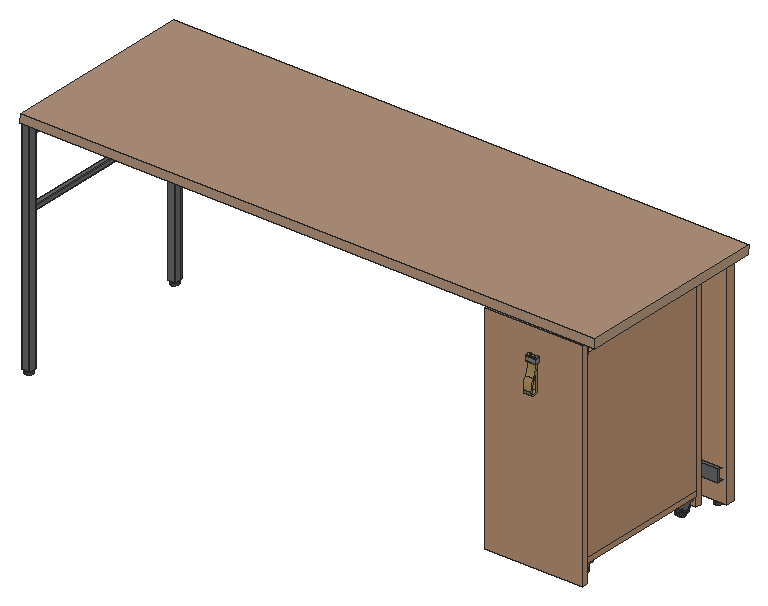
Revit family "Desks-Teknion-LWBDP_Byward_Desk_with_Pedestal-R2019", category Furniture, Revit 2019
Family settings
  OmniClass Number = 23.40.20.00
  OmniClass Title = General Furniture and Specialties
  Work Plane-Based = No
  Always vertical = Yes
  Cut with Voids When Loaded = No
  Shared = Yes
  Room Calculation Point = No
Parameters (values of type "24" Depth")
  Worksurface Finish [instance] = Source Laminate - Teknion - 3M - Provincial Oak (Cross Grain)
  Width [instance] = 72.000"
  Warranty = "http://www.teknion.com/ca/papers/legal-canada"
  Unit Weight URL = "http://www.teknion.com/ca/tools/assets#&asset=bee6a381-b954-425e-8283-5a2de3a804f2,f828d448-4b62-4231-9e5f-9a8991c0ed77"
  URL = "www.teknion.com"
  To render please download texture images found here [instance] = "https://assets.teknion.com/web/5e81352c1dfdb467/revit-material-swatches/"
  Sustainability Data = "https://www.teknion.com/ca/tools/assets#&topic=216f99a5-57a0-44fc-b10a-9dee9b29ae4c&asset=444deb64-fe58-4b68-981e-f75e97781df7,b4ff2d81-9f2e-437d-9659-7cffb09c31cf"
  Storage Back = 2.060"
  Series = "Byward"  # constant formula
  Product Page URL = "https://www.teknion.com/ca/products/product-details?productLineId=87d0476f-8e7a-673b-a6c8-ff05004460c4"
  Product Line = "Byward"  # constant formula
  Product Documentation Link = "https://assets.teknion.com/m/d3f7903c0f9c31f/original/Byward-Reference-Guide.pdf"
  Part Number = "LWBDP"  # constant formula
  Modesty Panel & Pedestal Finish [instance] = Foundation Laminate - Teknion - YA - Anigre
  Model = "LWBDP24___"
  Metal Tab = 6.783"
  Manufacturer Phone = "416-661-3370"  # constant formula
  Manufacturer Fax = "416.661.4586"  # constant formula
  Manufacturer Contact Information = "http://www.teknion.com/ca/contactus"
  Manufacturer Address = "1150 Flint Road, Toronto, ON. M3J 2J5. Canada"  # constant formula
  Manufacturer = "Teknion"  # constant formula
  How To Use Teknion Materials User Guide [instance] = "https://assets.teknion.com/m/205dd0a49fa58060/original/How-to-add-a-Material-Library-and-Texture-Images-to-your-Revit-project.pdf"
  Handle Paint Finish [instance] = Paint - Teknion - Mica - Anthracite
  Handle Leather Finish [instance] = Leather-Teknion-N68-Natural
  Handle Finish Note [instance] = "If Natural Leather is specified for the Handle Leather Finish, choose Anthracite for the Handle Paint Finish. If Black Leather is specified for the Handle Leather Finish, choose Titanium Grey for the Handle Paint Finish."  # constant formula
  Gable Cutout = 3.190"
  For Additional Finishes please visit [instance] = "https://assets.teknion.com/m/44a8009b046e5d47/original/Teknion_Materials_Library.zip"
  Description = "Byward Desk with Pedestal, 24\" Depth"
  Depth = 24.000"
  Available Widths [instance] = "54\", 60\", 66\" and 72\""  # constant formula
  Assembly Code = "E2020200"
Reference planes (in)
  plane 1 "Center Front/Back": y = 0
  plane 2: z = 0
  plane 3 "Center Left/Right": x = 0
  plane 4 "Left": x = -36
  plane 5 "Right": x = 36
  plane 6 "Back": y = 12
  plane 7 "Front": y = -12
  plane 8 "Top": z = 29.0595
  plane 9: y = 9.94
  plane 10: y = -9.63529
  plane 11: y = 6.14424
  plane 12 "Wheel Center": z = 0.7874
Forms (in)
  Sweep 1, solid, material "Source Laminate - Teknion - 3M - Provincial Oak (Cross Grain)" <- "Worksurface Finish"
    path origin (0, 0, 0) x (1, 0, 0) y (0, 0, 1)
      loop
        line (0, 27.9995) -> (0, 29.0595)
    profile origin (0, 0, 28.5295) x (-1, 0, 0) y (0, -1, 0)
      loop
        line (36, 12) -> (-36, 12) -> (-36, -12) -> (36, -12) -> (36, 12)
  Sweep 2, solid, material "Foundation Laminate - Teknion - YA - Anigre" <- "Modesty Panel & Pedestal Finish"
    path origin (0, 0, 0) x (1, 0, 0) y (0, 1, 0)
      loop
        line (0, 7.75) -> (0, 6.69)
    profile origin (0, 7.22, 0) x (1, 0, 0) y (0, 0, 1)
      loop
        line (-34.9, 17.9995) -> (21.9941, 17.9995) -> (21.9941, 27.9995) -> (5, 27.9995)
        arc (5, 27.9995) -> (4.03175, 27.83895) -> (3.16714, 27.3745) r 3
        arc (3.16714, 27.3745) -> (2.30253, 26.91005) -> (1.33428, 26.7495) r 3
        line (1.33428, 26.7495) -> (-1.33428, 26.7495)
        arc (-1.33428, 26.7495) -> (-2.30253, 26.91005) -> (-3.16714, 27.3745) r 3
        arc (-3.16714, 27.3745) -> (-4.03175, 27.83895) -> (-5, 27.9995) r 3
        line (-5, 27.9995) -> (-30.25208, 27.9995)
        arc (-30.25208, 27.9995) -> (-30.86446, 27.93634) -> (-31.45104, 27.7495) r 3
        arc (-31.45104, 27.7495) -> (-32.03763, 27.56266) -> (-32.65, 27.4995) r 3
        line (-32.65, 27.4995) -> (-34.9, 27.4995) -> (-34.9, 17.9995)
  Sweep 3, solid, material "Foundation Laminate - Teknion - YA - Anigre" <- "Modesty Panel & Pedestal Finish"
    path origin (0, 0, 0) x (1, 0, 0) y (0, 1, 0)
      loop
        line (22, 0) -> (23.06, 0)
    profile origin (22.53, 0, 0) x (0, 1, 0) y (0, 0, 1)
      loop
        line (9.94, 27.9995) -> (6.69, 27.9995) -> (6.69, 27.2495)
        arc (6.69, 27.2495) -> (6.54355, 26.89595) -> (6.19, 26.7495) r 0.5
        line (6.19, 26.7495) -> (3.69, 26.7495)
        arc (3.69, 26.7495) -> (3.33645, 26.89595) -> (3.19, 27.2495) r 0.5
        line (3.19, 27.2495) -> (3.19, 27.9995) -> (-11, 27.9995) -> (-11, 0.4995) -> (9.94, 0.4995) -> (9.94, 27.9995)
  Sweep 4, solid, material "Paint-Teknion-23-Z-Foundation-Foundry Onyx"
    path origin (0, 0, 0) x (1, 0, 0) y (0, 0, 1)
      loop
        line (0, 0.4375) -> (0, 27.9995)
    profile origin (0, 0, 14.2185) x (-1, 0, 0) y (0, -1, 0)
      loop
        arc (35.81, 10.9) -> (35.87364, 10.92636) -> (35.9, 10.99) r 0.09
        line (35.9, 10.99) -> (35.9, 11.81)
        arc (35.9, 11.81) -> (35.87364, 11.87364) -> (35.81, 11.9) r 0.09
        line (35.81, 11.9) -> (34.99, 11.9)
        arc (34.99, 11.9) -> (34.92636, 11.87364) -> (34.9, 11.81) r 0.09
        line (34.9, 11.81) -> (34.9, 10.99)
        arc (34.9, 10.99) -> (34.92636, 10.92636) -> (34.99, 10.9) r 0.09
        line (34.99, 10.9) -> (35.81, 10.9)
      loop
        arc (35.81, -11.9) -> (35.87364, -11.87364) -> (35.9, -11.81) r 0.09
        line (35.9, -11.81) -> (35.9, -10.99)
        arc (35.9, -10.99) -> (35.87364, -10.92636) -> (35.81, -10.9) r 0.09
        line (35.81, -10.9) -> (34.99, -10.9)
        arc (34.99, -10.9) -> (34.92636, -10.92636) -> (34.9, -10.99) r 0.09
        line (34.9, -10.99) -> (34.9, -11.81)
        arc (34.9, -11.81) -> (34.92636, -11.87364) -> (34.99, -11.9) r 0.09
        line (34.99, -11.9) -> (35.81, -11.9)
  Sweep 5, solid, material "Paint-Teknion-23-Z-Foundation-Foundry Onyx"
    path origin (0, 0, 0) x (1, 0, 0) y (0, 1, 0)
      loop
        line (0, -10.9) -> (0, 10.9)
    profile origin (0, 0, 0) x (-1, 0, 0) y (0, 0, 1)
      loop
        arc (35.1775, 18.5935) -> (35.11386, 18.56714) -> (35.0875, 18.5035) r 0.09
        line (35.0875, 18.5035) -> (35.0875, 18.0585)
        arc (35.0875, 18.0585) -> (35.11386, 17.99486) -> (35.1775, 17.9685) r 0.09
        line (35.1775, 17.9685) -> (35.6225, 17.9685)
        arc (35.6225, 17.9685) -> (35.68614, 17.99486) -> (35.7125, 18.0585) r 0.09
        line (35.7125, 18.0585) -> (35.7125, 18.5035)
        arc (35.7125, 18.5035) -> (35.68614, 18.56714) -> (35.6225, 18.5935) r 0.09
        line (35.6225, 18.5935) -> (35.1775, 18.5935)
  Sweep 6, solid, material "Paint-Teknion-23-Z-Foundation-Foundry Onyx"
    path origin (0, 0, 0) x (1, 0, 0) y (0, 0, 1)
      loop
        line (0, 17.9085) -> (0, 17.9685)
    profile origin (0, 0, 17.9385) x (-1, 0, 0) y (0, -1, 0)
      loop
        line (33.744, -7.658) -> (35.181, -7.658) -> (35.181, -7.8455)
        arc (35.181, -7.8455) -> (35.21761, -7.93389) -> (35.306, -7.9705) r 0.125
        line (35.306, -7.9705) -> (35.494, -7.9705)
        arc (35.494, -7.9705) -> (35.58239, -7.93389) -> (35.619, -7.8455) r 0.125
        line (35.619, -7.8455) -> (35.619, -6.5955)
        arc (35.619, -6.5955) -> (35.58239, -6.50711) -> (35.494, -6.4705) r 0.125
        line (35.494, -6.4705) -> (35.306, -6.4705)
        arc (35.306, -6.4705) -> (35.21761, -6.50711) -> (35.181, -6.5955) r 0.125
        line (35.181, -6.5955) -> (35.181, -6.783) -> (33.744, -6.783)
        arc (33.744, -6.783) -> (33.65561, -6.81961) -> (33.619, -6.908) r 0.125
        line (33.619, -6.908) -> (33.619, -7.533)
        arc (33.619, -7.533) -> (33.65561, -7.62139) -> (33.744, -7.658) r 0.125
  Sweep 7, solid, material "Paint-Teknion-23-Z-Foundation-Foundry Onyx"
    path origin (0, 0, 0) x (1, 0, 0) y (0, 1, 0)
      loop
        line (0, -10.9) -> (0, 10.9)
    profile origin (0, 0, 0) x (-1, 0, 0) y (0, 0, 1)
      loop
        line (35.7125, 26.2495) -> (35.7125, 27.7315)
        arc (35.7125, 27.7315) -> (35.634, 27.921) -> (35.4445, 27.9995) r 0.268
        line (35.4445, 27.9995) -> (31.4625, 27.9995) -> (31.4625, 27.8655) -> (35.4445, 27.8655)
        arc (35.4445, 27.8655) -> (35.53925, 27.82625) -> (35.5785, 27.7315) r 0.134
        line (35.5785, 27.7315) -> (35.5785, 26.2495) -> (35.7125, 26.2495)
  Sweep 8, void
    path origin (0, 0, 0) x (1, 0, 0) y (0, 0, 1)
      loop
        line (0, 27.9995) -> (0, 26.4995)
    profile origin (0, 0, 27.2495) x (0, -1, 0) y (1, 0, 0)
      loop
        arc (-9.78962, -32.37162) -> (-9.23664, -31.71024) -> (-8.41091, -31.4625) r 1.5
        line (-8.41091, -31.4625) -> (-10.9, -31.4625) -> (-10.9, -34.9625) -> (-9.78962, -32.37162)
      loop
        line (10.9, -34.9625) -> (10.9, -31.4625) -> (8.41091, -31.4625)
        arc (8.41091, -31.4625) -> (9.23664, -31.71024) -> (9.78962, -32.37162) r 1.5
        line (9.78962, -32.37162) -> (10.9, -34.9625)
  Sweep 9, solid, material "Paint-Teknion-23-Z-Foundation-Foundry Onyx"
    path origin (0, 0, 0) x (1, 0, 0) y (0, 1, 0)
      loop
        line (0, 8.365) -> (0, 8.231)
    profile origin (0, 8.298, 0) x (1, 0, 0) y (0, 0, 1)
      loop
        line (-35.3905, 26.3655) -> (-32.5785, 27.6775) -> (-32.5785, 27.8655) -> (-34.0155, 27.8655) -> (-34.0155, 27.9595) -> (-34.3905, 27.9595) -> (-34.3905, 27.8655) -> (-35.3905, 27.8655) -> (-35.5785, 27.6775) -> (-35.5785, 26.3655) -> (-35.3905, 26.3655)
  Sweep 10, solid, material "Paint-Teknion-23-Z-Foundation-Foundry Onyx"
    path origin (0, 0, 0) x (1, 0, 0) y (0, 1, 0)
      loop
        line (0, -8.365) -> (0, -8.231)
    profile origin (0, -8.298, 0) x (-1, 0, 0) y (0, 0, 1)
      loop
        line (35.3905, 26.3655) -> (35.5785, 26.3655) -> (35.5785, 27.6775) -> (35.3905, 27.8655) -> (34.3905, 27.8655) -> (34.3905, 27.9595) -> (34.0155, 27.9595) -> (34.0155, 27.8655) -> (32.5785, 27.8655) -> (32.5785, 27.6775) -> (35.3905, 26.3655)
  Sweep 11, solid, material "Paint-Teknion-23-Z-Foundation-Foundry Onyx"
    path origin (0, 0, 0) x (1, 0, 0) y (0, 0, 1)
      loop
        line (0, 0.4395) -> (0, 0.4995)
    profile origin (0, 0, 0.4695) x (-1, 0, 0) y (0, -1, 0)
      loop
        line (-22.1363, 7.5315) -> (-22.1363, 10.6811) -> (-22.9237, 10.6811) -> (-22.9237, 7.5315) -> (-22.1363, 7.5315)
      loop
        line (-22.1363, -6.4715) -> (-22.9237, -6.4715) -> (-22.9237, -9.6211) -> (-22.1363, -9.6211) -> (-22.1363, -6.4715)
      loop
        line (-31.5315, -10.0763) -> (-34.6811, -10.0763) -> (-34.6811, -10.8637) -> (-31.5315, -10.8637) -> (-31.5315, -10.0763)
  Sweep 12, solid, material "Plastic - Teknion - E - Ebony"
    path origin (0, 0, 0) x (1, 0, 0) y (0, 0, 1)
      loop
        line (0, 0.215) -> (0, 0)
    profile origin (0, 0, 0.1075) x (0, -1, 0) y (1, 0, 0)
      loop
        circle (11.4, -35.4) r 0.5
      loop
        circle (-11.4, -35.4) r 0.5
      loop
        circle (-8.4375, 22.52447) r 0.5
      loop
        circle (9.50314, 22.52447) r 0.5
      loop
        circle (-10.46998, 33.49945) r 0.5
  Sweep 13, solid, material "Plastic - Teknion - E - Ebony"
    path origin (0, 0, 0) x (1, 0, 0) y (0, 0, 1)
      loop
        line (0, 0.215) -> (0, 0.4375)
    profile origin (0, 0, 0.32625) x (-1, 0, 0) y (0, -1, 0)
      loop
        line (35.715, 11.21813) -> (35.715, 11.58187) -> (35.4, 11.76373) -> (35.085, 11.58187) -> (35.085, 11.21813) -> (35.4, 11.03627) -> (35.715, 11.21813)
      loop
        line (35.715, -11.58187) -> (35.715, -11.21813) -> (35.4, -11.03627) -> (35.085, -11.21813) -> (35.085, -11.58187) -> (35.4, -11.76373) -> (35.715, -11.58187)
      loop
        line (-22.21495, -8.62185) -> (-22.21495, -8.25812) -> (-22.52995, -8.07625) -> (-22.84495, -8.25812) -> (-22.84495, -8.62185) -> (-22.52995, -8.80371) -> (-22.21495, -8.62185)
      loop
        line (-22.21495, 9.31757) -> (-22.21495, 9.68131) -> (-22.52995, 9.86317) -> (-22.84495, 9.68131) -> (-22.84495, 9.31757) -> (-22.52995, 9.13571) -> (-22.21495, 9.31757)
      loop
        line (-33.18495, -10.65185) -> (-33.18495, -10.28812) -> (-33.49995, -10.10625) -> (-33.81495, -10.28812) -> (-33.81495, -10.65185) -> (-33.49995, -10.83371) -> (-33.18495, -10.65185)
  Sweep 14, solid, material "Foundation Laminate - Teknion - YA - Anigre" <- "Modesty Panel & Pedestal Finish"
    path origin (0, 0, 0) x (1, 0, 0) y (0, 0, 1)
      loop
        line (0, 0.4995) -> (0, 27.9995)
    profile origin (0, 0, 14.2495) x (-1, 0, 0) y (0, -1, 0)
      loop
        line (-35, -11) -> (-22, -11) -> (-22, -9.94) -> (-35, -9.94) -> (-35, -11)
  Sweep 15, solid, material "Foundation Laminate - Teknion - YA - Anigre" <- "Modesty Panel & Pedestal Finish"
    path origin (0, 0, 0) x (1, 0, 0) y (0, 0, 1)
      loop
        line (0, 0.56791) -> (0, 26.31791)
    profile origin (0, 0, 13.44291) x (-1, 0, 0) y (0, -1, 0)
      loop
        line (-23.25, -8.25447) -> (-23.25, -7.54975) -> (-33, -7.54975) -> (-33, -8.25447) -> (-23.25, -8.25447)
  Sweep 16, solid, material "Foundation Laminate - Teknion - YA - Anigre" <- "Modesty Panel & Pedestal Finish"
    path origin (0, 0, 0) x (1, 0, 0) y (0, 1, 0)
      loop
        line (0, -11.07525) -> (0, 7.54975)
    profile origin (0, -1.76275, 0) x (-1, 0, 0) y (0, 0, 1)
      loop
        line (-32.29528, 25.31791) -> (-33, 25.31791) -> (-33, 2.39764) -> (-32.29528, 2.39764) -> (-32.29528, 25.31791)
      loop
        line (-23.25, 2.89764) -> (-23.95472, 2.89764) -> (-23.95472, 0.56791) -> (-23.25, 0.56791) -> (-23.25, 2.89764)
  Sweep 17, solid, material "Foundation Laminate - Teknion - YA - Anigre" <- "Modesty Panel & Pedestal Finish"
    path origin (0, 0, 0) x (1, 0, 0) y (0, 1, 0)
      loop
        line (0, -11.07525) -> (0, 7.54975)
    profile origin (0, -1.76275, 0) x (-1, 0, 0) y (0, 0, 1)
      loop
        line (-33, 2.39764) -> (-33, 1.69291) -> (-23.95472, 1.69291) -> (-23.95472, 2.39764) -> (-33, 2.39764)
      loop
        line (-32.29528, 21.56791) -> (-32.29528, 20.86319) -> (-23.501, 20.86319) -> (-23.501, 21.56791) -> (-32.29528, 21.56791)
  Sweep 18, solid, material "Foundation Laminate - Teknion - YA - Anigre" <- "Modesty Panel & Pedestal Finish"
    path origin (0, 0, 0) x (1, 0, 0) y (0, 1, 0)
      loop
        line (0, -11.77998) -> (0, -11.07525)
    profile origin (0, -11.42761, 0) x (-1, 0, 0) y (0, 0, 1)
      loop
        line (-34.25, 27.56791) -> (-34.25, 0.56791) -> (-22, 0.56791) -> (-22, 27.56791) -> (-34.25, 27.56791)
  Sweep 19, solid, material "Paint-Teknion-23-Z-Foundation-Foundry Onyx"
    path origin (0, 0, 0) x (1, 0, 0) y (0, 1, 0)
      loop
        line (23.06, 0) -> (34.2278, 0)
    profile origin (28.6439, 0, 0) x (0, 1, 0) y (0, 0, 1)
      loop
        line (-10.25, 27.9995) -> (-10.9, 27.9995)
        arc (-10.9, 27.9995) -> (-10.97071, 27.97021) -> (-11, 27.8995) r 0.1
        line (-11, 27.8995) -> (-11, 26.2495) -> (-10.9393, 26.2495) -> (-10.9393, 27.8895)
        arc (-10.9393, 27.8895) -> (-10.92466, 27.92486) -> (-10.8893, 27.9395) r 0.05
        line (-10.8893, 27.9395) -> (-10.25, 27.9395) -> (-10.25, 27.9995)
  Sweep 20, solid, material "Paint-Teknion-23-Z-Foundation-Foundry Onyx"
    path origin (0, 0, 0) x (1, 0, 0) y (0, 1, 0)
      loop
        line (0, 7.54975) -> (0, -12)
    profile origin (0, -2.22513, 0) x (1, 0, 0) y (0, 0, 1)
      loop
        line (24.1624, 0) -> (24.1624, 1.63386) -> (24.99705, 1.63386) -> (24.99705, 0) -> (25.0561, 0) -> (25.0561, 1.69291) -> (24.10335, 1.69291) -> (24.10335, 0) -> (24.1624, 0)
      loop
        line (31.95768, 0) -> (31.95768, 1.63386) -> (32.79232, 1.63386) -> (32.79232, 0) -> (32.85138, 0) -> (32.85138, 1.69291) -> (31.89862, 1.69291) -> (31.89862, 0) -> (31.95768, 0)
  Sweep 21, void
    path origin (0, 0, 0) x (1, 0, 0) y (0, 1, 0)
      loop
        line (22, 0) -> (36, 0)
    profile origin (29, 0, 0) x (0, 1, 0) y (0, 0, 1)
      loop
        line (7.28991, 1.69291) -> (7.28991, 1.47446)
        arc (7.28991, 1.47446) -> (7.27394, 1.43408) -> (7.23468, 1.41553) r 0.05906
        arc (7.23468, 1.41553) -> (6.74434, 1.21975) -> (6.46349, 0.77266) r 0.85204
        arc (6.46349, 0.77266) -> (6.14424, 0.52362) -> (5.82499, 0.77266) r 0.32915
        arc (5.82499, 0.77266) -> (5.54414, 1.21975) -> (5.0538, 1.41553) r 0.85204
        arc (5.0538, 1.41553) -> (5.01453, 1.43408) -> (4.99857, 1.47446) r 0.05906
        line (4.99857, 1.47446) -> (4.99857, 1.69291) -> (-8.48962, 1.69291) -> (-8.48962, 1.47446)
        arc (-8.48962, 1.47446) -> (-8.50559, 1.43408) -> (-8.54485, 1.41553) r 0.05906
        arc (-8.54485, 1.41553) -> (-9.03519, 1.21975) -> (-9.31604, 0.77266) r 0.85204
        arc (-9.31604, 0.77266) -> (-9.63529, 0.52362) -> (-9.95454, 0.77266) r 0.32915
        arc (-9.95454, 0.77266) -> (-10.23539, 1.21975) -> (-10.72573, 1.41553) r 0.85204
        arc (-10.72573, 1.41553) -> (-10.76499, 1.43408) -> (-10.78096, 1.47446) r 0.05906
        line (-10.78096, 1.47446) -> (-10.78096, 1.69291) -> (-12, 1.69291) -> (-12, 0) -> (7.54975, 0) -> (7.54975, 1.69291) -> (7.28991, 1.69291)
  Sweep 22, solid, material "Paint-Teknion-23-Z-Foundation-Foundry Onyx"
    path origin (0, 0, 0) x (1, 0, 0) y (0, 0, 1)
      loop
        line (0, 26.4995) -> (0, 27.9995)
    profile origin (0, 0, 27.2495) x (-1, 0, 0) y (0, -1, 0)
      loop
        line (-28.6413, 10.157) -> (-28.6413, -9.783) -> (-28.5813, -9.783) -> (-28.5813, 10.217) -> (-30.3403, 10.217) -> (-30.3403, -9.783) -> (-30.2803, -9.783) -> (-30.2803, 10.157) -> (-28.6413, 10.157)
  Sweep 23, solid, material "Paint-Teknion-23-Z-Foundation-Foundry Onyx"
    path origin (0, 0, 0) x (1, 0, 0) y (0, 1, 0)
      loop
        line (0, 9.783) -> (0, -10.217)
    profile origin (0, -0.217, 0) x (1, 0, 0) y (0, 0, 1)
      loop
        line (28.5813, 27.9995) -> (28.5813, 27.9395) -> (30.3403, 27.9395) -> (30.3403, 27.9995) -> (28.5813, 27.9995)
  Sweep 24, solid, material "Paint-Teknion-23-Z-Foundation-Foundry Onyx"
    path origin (0, 0, 0) x (1, 0, 0) y (0, 0, 1)
      loop
        line (0, 27.6385) -> (0, 23.6385)
    profile origin (0, 0, 25.6385) x (0, -1, 0) y (1, 0, 0)
      loop
        line (-9.625, 28.7708) -> (-9.625, 28.7108) -> (-8.25, 28.7108) -> (-8.25, 30.2108) -> (-9.625, 30.2108) -> (-9.625, 30.1508) -> (-8.31, 30.1508) -> (-8.31, 28.7708) -> (-9.625, 28.7708)
  Revolve 25, solid, material "Plastic - Teknion - E - Ebony"
    sketch origin (0, 0, 0.7874) x (0, -1, 0) y (1, 0, 0)
      loop
        line (8.85961, 24.24508) -> (9.00536, 24.24508) -> (9.03919, 24.52067) -> (9.39461, 24.52067) -> (9.41872, 24.24508) -> (9.63529, 24.24508) -> (9.63529, 24.9143) -> (9.41872, 24.9143) -> (9.39461, 24.63871) -> (9.03919, 24.63871) -> (9.00536, 24.9143) -> (8.85961, 24.9143) -> (8.84759, 24.57969) -> (8.85961, 24.24508)
      loop
        line (8.85961, 32.04035) -> (9.00536, 32.04035) -> (9.03919, 32.31594) -> (9.39461, 32.31594) -> (9.41872, 32.04035) -> (9.63529, 32.04035) -> (9.63529, 32.70957) -> (9.41872, 32.70957) -> (9.39461, 32.43398) -> (9.03919, 32.43398) -> (9.00536, 32.70957) -> (8.85961, 32.70957) -> (8.84759, 32.37496) -> (8.85961, 32.04035)
      axis (9.63529, 24.24508) -> (9.63529, 32.70957)
    angle from 0 to 360
  Revolve 26, solid, material "Plastic - Teknion - E - Ebony"
    sketch origin (0, 0, 0.7874) x (0, -1, 0) y (1, 0, 0)
      loop
        line (-6.91991, 24.24508) -> (-6.77417, 24.24508) -> (-6.74033, 24.52067) -> (-6.38492, 24.52067) -> (-6.36081, 24.24508) -> (-6.14424, 24.24508) -> (-6.14424, 24.9143) -> (-6.36081, 24.9143) -> (-6.38492, 24.63871) -> (-6.74033, 24.63871) -> (-6.77417, 24.9143) -> (-6.91991, 24.9143) -> (-6.93194, 24.57969) -> (-6.91991, 24.24508)
      loop
        line (-6.91991, 32.04035) -> (-6.77417, 32.04035) -> (-6.74033, 32.31594) -> (-6.38492, 32.31594) -> (-6.36081, 32.04035) -> (-6.14424, 32.04035) -> (-6.14424, 32.70957) -> (-6.36081, 32.70957) -> (-6.38492, 32.43398) -> (-6.74033, 32.43398) -> (-6.77417, 32.70957) -> (-6.91991, 32.70957) -> (-6.93194, 32.37496) -> (-6.91991, 32.04035)
      axis (-6.14424, 24.24508) -> (-6.14424, 32.70957)
    angle from 0 to 360
  Sweep 27, solid, material "Paint-Teknion-23-Z-Foundation-Foundry Onyx"
    path origin (0, 0, 0.7874) x (0, -1, 0) y (1, 0, 0)
      loop
        line (0, 31.83957) -> (0, 32.91036)
    profile origin (32.37496, 0, 0.7874) x (0, 1, 0) y (0, 0, 1)
      loop
        circle (6.14424, 0) r 0.1
      loop
        circle (-9.63529, 0) r 0.1
  Sweep 28, solid, material "Paint-Teknion-23-Z-Foundation-Foundry Onyx"
    path origin (0, 0, 0.7874) x (0, -1, 0) y (1, 0, 0)
      loop
        line (0, 24.04429) -> (0, 25.11509)
    profile origin (24.57969, 0, 0.7874) x (0, 1, 0) y (0, 0, 1)
      loop
        circle (6.14424, 0) r 0.1
      loop
        circle (-9.63529, 0) r 0.1
  Sweep 29, solid, material "Leather-Teknion-N68-Natural" <- "Handle Leather Finish"
    path origin (0, 0, 0.7874) x (0, -1, 0) y (1, 0, 0)
      loop
        line (0, 27.625) -> (0, 28.625)
    profile origin (28.125, 0, 0.7874) x (0, 1, 0) y (0, 0, 1)
      loop
        line (-11.8884, 23.584) -> (-11.98683, 23.584) -> (-11.98683, 19.94867)
        arc (-11.98683, 19.94867) -> (-12.3256, 19.60989) -> (-12.66438, 19.94867) r 0.33878
        arc (-12.66438, 19.94867) -> (-12.58382, 20.68968) -> (-12.3459, 21.39606) r 3.44822
        arc (-12.3459, 21.39606) -> (-12.09029, 22.14683) -> (-11.99683, 22.9344) r 3.78303
        line (-11.99683, 22.9344) -> (-11.99683, 23.63174)
        arc (-11.99683, 23.63174) -> (-11.98775, 23.65366) -> (-11.96583, 23.66274) r 0.031
        line (-11.96583, 23.66274) -> (-11.9094, 23.66274)
        arc (-11.9094, 23.66274) -> (-11.88748, 23.65366) -> (-11.8784, 23.63174) r 0.031
        line (-11.8784, 23.63174) -> (-11.8784, 22.9344) -> (-11.77998, 22.9344) -> (-11.77998, 23.63174)
        arc (-11.77998, 23.63174) -> (-11.81788, 23.72326) -> (-11.9094, 23.76117) r 0.12943
        line (-11.9094, 23.76117) -> (-11.96583, 23.76117)
        arc (-11.96583, 23.76117) -> (-12.05734, 23.72326) -> (-12.09525, 23.63174) r 0.12943
        line (-12.09525, 23.63174) -> (-12.09525, 22.9344)
        arc (-12.09525, 22.9344) -> (-12.18164, 22.1706) -> (-12.4303, 21.44326) r 3.55255
        arc (-12.4303, 21.44326) -> (-12.67868, 20.71424) -> (-12.76281, 19.94867) r 3.52528
        arc (-12.76281, 19.94867) -> (-12.3256, 19.51147) -> (-11.8884, 19.94867) r 0.4372
        line (-11.8884, 19.94867) -> (-11.8884, 23.584)
  Sweep 30, solid, material "Paint - Teknion - Mica - Anthracite" <- "Handle Paint Finish"
    path origin (0, 0, 0) x (1, 0, 0) y (0, 1, 0)
      loop
        line (27.625, -11.77998) -> (27.625, -12.09525) -> (28.625, -12.09525) -> (28.625, -11.77998)
    profile origin (28.125, -12.09525, 0) x (0, 1, 0) y (0, 0, 1)
      loop
        line (0, 24.40415) -> (-0.09557, 24.40415) -> (-0.09557, 24.3348) -> (-0.15259, 24.3348) -> (-0.15259, 23.80103) -> (-0.09557, 23.80103) -> (-0.09557, 23.73168) -> (0, 23.73168) -> (0, 24.40415)
  Sweep 31, solid, material "Paint-Teknion-23-Z-Foundation-Foundry Onyx"
    path origin (0, 0, 0) x (1, 0, 0) y (0, 0, 1)
      loop
        line (0, 9.9995) -> (0, 25.9995)
    profile origin (0, 0, 17.9995) x (-1, 0, 0) y (0, -1, 0)
      loop
        line (-25.3528, -9.1917) -> (-23.9248, -9.1917) -> (-23.9248, -10.1557) -> (-23.1748, -10.1557) -> (-23.1748, -10.1197) -> (-23.8888, -10.1197) -> (-23.8888, -9.1557) -> (-25.3888, -9.1557) -> (-25.3888, -9.6557) -> (-25.3528, -9.6557) -> (-25.3528, -9.1917)
  Sweep 32, solid, material "Paint-Teknion-23-Z-Foundation-Foundry Onyx"
    path origin (0, 0, 0) x (1, 0, 0) y (0, 1, 0)
      loop
        line (25.1248, 0) -> (26.3748, 0)
    profile origin (25.7498, 0, 0) x (0, 1, 0) y (0, 0, 1)
      loop
        line (8.7307, 7.6995) -> (8.7307, 9.3745) -> (8.6557, 9.3745) -> (8.6557, 7.6245) -> (10.0807, 7.6245) -> (10.0807, 2.3745) -> (8.6557, 2.3745) -> (8.6557, 0.6245) -> (8.7307, 0.6245) -> (8.7307, 2.2995) -> (10.1557, 2.2995) -> (10.1557, 7.6995) -> (8.7307, 7.6995)
  Sweep 33, solid, material "Paint-Teknion-23-Z-Foundation-Foundry Onyx"
    path origin (0, 0, 0) x (1, 0, 0) y (0, 1, 0)
      loop
        line (28.4998, 0) -> (34.4998, 0)
    profile origin (31.4998, 0, 0) x (0, 1, 0) y (0, 0, 1)
      loop
        line (9.6557, 4.6385) -> (9.1557, 4.6385) -> (9.1557, 3.1385) -> (10.1197, 3.1385) -> (10.1197, 2.4245) -> (10.1557, 2.4245) -> (10.1557, 3.1745) -> (9.1917, 3.1745) -> (9.1917, 4.6025) -> (9.6557, 4.6025) -> (9.6557, 4.6385)
  Sweep 34, solid, material "Paint-Teknion-23-Z-Foundation-Foundry Onyx"
    path origin (0, 0, 0) x (1, 0, 0) y (0, 1, 0)
      loop
        line (0, -11.07525) -> (0, 7.54975)
    profile origin (0, -1.76275, 0) x (-1, 0, 0) y (0, 0, 1)
      loop
        arc (-23.59031, 24.44224) -> (-23.52668, 24.4686) -> (-23.50031, 24.53224) r 0.09
        line (-23.50031, 24.53224) -> (-23.50031, 24.97724)
        arc (-23.50031, 24.97724) -> (-23.52668, 25.04088) -> (-23.59031, 25.06724) r 0.09
        line (-23.59031, 25.06724) -> (-24.03531, 25.06724)
        arc (-24.03531, 25.06724) -> (-24.09895, 25.04088) -> (-24.12531, 24.97724) r 0.09
        line (-24.12531, 24.97724) -> (-24.12531, 24.53224)
        arc (-24.12531, 24.53224) -> (-24.09895, 24.4686) -> (-24.03531, 24.44224) r 0.09
        line (-24.03531, 24.44224) -> (-23.59031, 24.44224)
Cuts and joins
  Sweep 8 cuts Sweep 7
  Sweep 21 cuts Sweep 20
  joined: Sweep 22, Sweep 23
Lines and regions (in)
  Masking region 1
    outline origin (0, 0, 0) x (1, 0, 0) y (0, 1, 0)
      loop
        line (-36, 12) -> (-36, -12) -> (36, -12) -> (36, 12) -> (-36, 12)
  Masking region 2
    outline origin (0, 0, 0) x (1, 0, 0) y (0, 1, 0)
      loop
        line (27.47241, -12) -> (27.47241, -12.24784) -> (28.77759, -12.24784) -> (28.77759, -12) -> (28.625, -12) -> (28.625, -12.09525) -> (27.625, -12.09525) -> (27.625, -12) -> (27.47241, -12)
  Masking region 3
    outline origin (0, 0, 0) x (1, 0, 0) y (0, 1, 0)
      loop
        line (27.625, -12.09525) -> (28.625, -12.09525) -> (28.625, -12) -> (27.625, -12) -> (27.625, -12.09525)
  Masking region 4
    outline origin (0, 0, 0) x (1, 0, 0) y (0, 1, 0)
      loop
        line (27.625, -12.76281) -> (28.625, -12.76281) -> (28.625, -12.24784) -> (27.625, -12.24784) -> (27.625, -12.76281)
  reference lines
    curve 1: line (36, 12, 0) -> (36, -12, 0)
    curve 2: line (-36, -12, 0) -> (36, -12, 0)
    curve 3: line (-36, 12, 0) -> (-36, -12, 0)
    curve 4: line (-36, 12, 0) -> (36, 12, 0)
  symbolic lines, style "FurnitureHiddenLines", detail levels fine
    curve 5: arc (-35.4, 11.9, 0) -> (-35.9, 11.4, 0) -> (-35.4, 10.9, 0) r 0.5
    curve 6: arc (-35.4, 10.9, 0) -> (-34.9, 11.4, 0) -> (-35.4, 11.9, 0) r 0.5
    curve 7: arc (-35.4, -11.9, 0) -> (-34.9, -11.4, 0) -> (-35.4, -10.9, 0) r 0.5
    curve 8: arc (-35.4, -10.9, 0) -> (-35.9, -11.4, 0) -> (-35.4, -11.9, 0) r 0.5
    curve 40: arc (22.52447, 8.9375, 0) -> (22.02447, 8.4375, 0) -> (22.52447, 7.9375, 0) r 0.5
    curve 41: arc (22.52447, 7.9375, 0) -> (23.02447, 8.4375, 0) -> (22.52447, 8.9375, 0) r 0.5
    curve 42: arc (22.52447, -9.00314, 0) -> (22.02447, -9.50314, 0) -> (22.52447, -10.00314, 0) r 0.5
    curve 43: arc (22.52447, -10.00314, 0) -> (23.02447, -9.50314, 0) -> (22.52447, -9.00314, 0) r 0.5
    curve 44: arc (33.49945, 9.96998, 0) -> (33.99945, 10.46998, 0) -> (33.49945, 10.96998, 0) r 0.5
    curve 45: arc (33.49945, 10.96998, 0) -> (32.99945, 10.46998, 0) -> (33.49945, 9.96998, 0) r 0.5
    curve 54: line (32.29528, 7.54975, 0) -> (32.29528, -11.07525, 0)
    curve 80: line (34.2278, -10.25, 0) -> (23.06, -10.25, 0)
    curve 81: line (34.2278, -11, 0) -> (34.2278, -10.25, 0)
    curve 82: line (23.06, -11, 0) -> (34.2278, -11, 0)
    curve 83: line (34.2278, -10.9393, 0) -> (23.06, -10.9393, 0)
    curve 84: line (22.9237, -7.5315, 0) -> (22.1363, -7.5315, 0)
    curve 85: line (22.1363, -7.5315, 0) -> (22.1363, -10.6811, 0)
    curve 86: line (22.1363, -10.6811, 0) -> (22.9237, -10.6811, 0)
    curve 87: line (22.9237, -10.6811, 0) -> (22.9237, -7.5315, 0)
    curve 88: line (22.1363, 6.4715, 0) -> (22.9237, 6.4715, 0)
    curve 89: line (22.9237, 6.4715, 0) -> (22.9237, 9.6211, 0)
    curve 90: line (22.9237, 9.6211, 0) -> (22.1363, 9.6211, 0)
    curve 91: line (22.1363, 9.6211, 0) -> (22.1363, 6.4715, 0)
    curve 92: line (31.5315, 10.8637, 0) -> (31.5315, 10.0763, 0)
    curve 93: line (31.5315, 10.0763, 0) -> (34.6811, 10.0763, 0)
    curve 94: line (34.6811, 10.0763, 0) -> (34.6811, 10.8637, 0)
    curve 95: line (34.6811, 10.8637, 0) -> (31.5315, 10.8637, 0)
    curve 96: line (28.5813, 9.783, 0) -> (28.5813, -10.217, 0)
    curve 97: line (28.5813, -10.217, 0) -> (30.3403, -10.217, 0)
    curve 98: line (30.3403, -10.217, 0) -> (30.3403, 9.783, 0)
    curve 99: line (30.3403, 9.783, 0) -> (28.5813, 9.783, 0)
    curve 100: line (28.6413, -10.157, 0) -> (28.6413, 9.783, 0)
    curve 101: line (30.2803, -10.157, 0) -> (28.6413, -10.157, 0)
    curve 102: line (30.2803, 9.783, 0) -> (30.2803, -10.157, 0)
    curve 103: line (28.7108, 9.625, 0) -> (28.7108, 8.25, 0)
    curve 104: line (28.7108, 8.25, 0) -> (30.2108, 8.25, 0)
    curve 105: line (30.2108, 8.25, 0) -> (30.2108, 9.625, 0)
    curve 106: line (30.2108, 9.625, 0) -> (30.1508, 9.625, 0)
    curve 107: line (30.1508, 9.625, 0) -> (30.1508, 8.31, 0)
    curve 108: line (30.1508, 8.31, 0) -> (28.7708, 8.31, 0)
    curve 109: line (28.7708, 8.31, 0) -> (28.7708, 9.625, 0)
    curve 110: line (28.7708, 9.625, 0) -> (28.7108, 9.625, 0)
    curve 111: line (-35.5785, -10.9, 0) -> (-35.5785, 10.9, 0)
    curve 112: line (-32.5785, -8.231, 0) -> (-35.5785, -8.231, 0)
    curve 113: line (-32.5785, -8.365, 0) -> (-35.5785, -8.365, 0)
    curve 114: line (-32.5785, -8.365, 0) -> (-32.5785, -8.231, 0)
    curve 115: line (-35.5785, 8.365, 0) -> (-32.5785, 8.365, 0)
    curve 116: line (-35.5785, 8.231, 0) -> (-32.5785, 8.231, 0)
    curve 117: line (-32.5785, 8.231, 0) -> (-32.5785, 8.365, 0)
    curve 118: line (-33.744, 7.658, 0) -> (-35.181, 7.658, 0)
    curve 119: line (-35.181, 7.658, 0) -> (-35.181, 7.8455, 0)
    curve 120: arc (-35.181, 7.8455, 0) -> (-35.21761, 7.93389, 0) -> (-35.306, 7.9705, 0) r 0.125
    curve 121: line (-35.306, 7.9705, 0) -> (-35.494, 7.9705, 0)
    curve 122: arc (-35.494, 7.9705, 0) -> (-35.58239, 7.93389, 0) -> (-35.619, 7.8455, 0) r 0.125
    curve 123: line (-35.619, 7.8455, 0) -> (-35.619, 6.5955, 0)
    curve 124: arc (-35.619, 6.5955, 0) -> (-35.58239, 6.50711, 0) -> (-35.494, 6.4705, 0) r 0.125
    curve 125: line (-35.494, 6.4705, 0) -> (-35.306, 6.4705, 0)
    curve 126: arc (-35.306, 6.4705, 0) -> (-35.21761, 6.50711, 0) -> (-35.181, 6.5955, 0) r 0.125
    curve 127: line (-35.181, 6.5955, 0) -> (-35.181, 6.783, 0)
    curve 128: line (-35.181, 6.783, 0) -> (-33.744, 6.783, 0)
    curve 129: arc (-33.744, 6.783, 0) -> (-33.65561, 6.81961, 0) -> (-33.619, 6.908, 0) r 0.125
    curve 130: line (-33.619, 6.908, 0) -> (-33.619, 7.533, 0)
    curve 131: arc (-33.619, 7.533, 0) -> (-33.65561, 7.62139, 0) -> (-33.744, 7.658, 0) r 0.125
    curve 132: line (23.501, 7.54975, 0) -> (23.501, -11.07525, 0)
    curve 133: line (24.12531, 7.54975, 0) -> (24.12531, -11.07525, 0)
    curve 134: line (23.9248, 10.1557, 0) -> (23.1748, 10.1557, 0)
    curve 135: line (23.1748, 10.1557, 0) -> (23.1748, 10.1197, 0)
    curve 136: line (23.1748, 10.1197, 0) -> (23.8888, 10.1197, 0)
    curve 137: line (23.8888, 10.1197, 0) -> (23.8888, 9.1557, 0)
    curve 138: line (23.8888, 9.1557, 0) -> (25.3888, 9.1557, 0)
    curve 139: line (25.3888, 9.1557, 0) -> (25.3888, 9.6557, 0)
    curve 140: line (25.3888, 9.6557, 0) -> (25.3528, 9.6557, 0)
    curve 141: line (25.3528, 9.6557, 0) -> (25.3528, 9.1917, 0)
    curve 142: line (25.3528, 9.1917, 0) -> (23.9248, 9.1917, 0)
    curve 143: line (23.9248, 9.1917, 0) -> (23.9248, 10.1557, 0)
    curve 144: line (25.1248, 8.6557, 0) -> (25.1248, 10.1557, 0)
    curve 145: line (26.3748, 10.1557, 0) -> (25.1248, 10.1557, 0)
    curve 146: line (25.1248, 8.6557, 0) -> (26.3748, 8.6557, 0)
    curve 147: line (26.3748, 8.6557, 0) -> (26.3748, 10.1557, 0)
    curve 148: line (25.1248, 10.0807, 0) -> (26.3748, 10.0807, 0)
    curve 149: line (26.3748, 8.7307, 0) -> (25.1248, 8.7307, 0)
    curve 150: line (28.4998, 9.1557, 0) -> (28.4998, 10.1557, 0)
    curve 151: line (34.4998, 10.1557, 0) -> (28.4998, 10.1557, 0)
    curve 152: line (28.4998, 9.1557, 0) -> (34.4998, 9.1557, 0)
    curve 153: line (34.4998, 9.1557, 0) -> (34.4998, 10.1557, 0)
    curve 154: line (34.4998, 9.6557, 0) -> (28.4998, 9.6557, 0)
    curve 155: line (28.4998, 10.1197, 0) -> (34.4998, 10.1197, 0)
    curve 156: line (34.4998, 9.1917, 0) -> (28.4998, 9.1917, 0)
    curve 157: line (-35.715, 11.58187, 0) -> (-35.715, 11.21813, 0)
    curve 158: line (-35.715, 11.21813, 0) -> (-35.4, 11.03627, 0)
    curve 159: line (-35.4, 11.03627, 0) -> (-35.085, 11.21813, 0)
    curve 160: line (-35.085, 11.21813, 0) -> (-35.085, 11.58187, 0)
    curve 161: line (-35.085, 11.58187, 0) -> (-35.4, 11.76373, 0)
    curve 162: line (-35.4, 11.76373, 0) -> (-35.715, 11.58187, 0)
    curve 163: line (-35.715, -11.21813, 0) -> (-35.715, -11.58187, 0)
    curve 164: line (-35.715, -11.58187, 0) -> (-35.4, -11.76373, 0)
    curve 165: line (-35.4, -11.76373, 0) -> (-35.085, -11.58187, 0)
    curve 166: line (-35.085, -11.58187, 0) -> (-35.085, -11.21813, 0)
    curve 167: line (-35.085, -11.21813, 0) -> (-35.4, -11.03627, 0)
    curve 168: line (-35.4, -11.03627, 0) -> (-35.715, -11.21813, 0)
    curve 169: line (22.52995, -9.86317, 0) -> (22.84495, -9.68131, 0)
    curve 170: line (22.84495, -9.68131, 0) -> (22.84495, -9.31757, 0)
    curve 171: line (22.84495, -9.31757, 0) -> (22.52995, -9.13571, 0)
    curve 172: line (22.52995, -9.13571, 0) -> (22.21495, -9.31757, 0)
    curve 173: line (22.21495, -9.31757, 0) -> (22.21495, -9.68131, 0)
    curve 174: line (22.21495, -9.68131, 0) -> (22.52995, -9.86317, 0)
    curve 175: line (22.52995, 8.80371, 0) -> (22.21495, 8.62185, 0)
    curve 176: line (22.21495, 8.62185, 0) -> (22.21495, 8.25812, 0)
    curve 177: line (22.21495, 8.25812, 0) -> (22.52995, 8.07625, 0)
    curve 178: line (22.52995, 8.07625, 0) -> (22.84495, 8.25812, 0)
    curve 179: line (22.84495, 8.25812, 0) -> (22.84495, 8.62185, 0)
    curve 180: line (22.84495, 8.62185, 0) -> (22.52995, 8.80371, 0)
    curve 181: line (33.18495, 10.65185, 0) -> (33.18495, 10.28812, 0)
    curve 182: line (33.18495, 10.28812, 0) -> (33.49995, 10.10625, 0)
    curve 183: line (33.49995, 10.10625, 0) -> (33.81495, 10.28812, 0)
    curve 184: line (33.81495, 10.28812, 0) -> (33.81495, 10.65185, 0)
    curve 185: line (33.81495, 10.65185, 0) -> (33.49995, 10.83371, 0)
    curve 186: line (33.49995, 10.83371, 0) -> (33.18495, 10.65185, 0)
    curve 187: line (24.10335, -10.78096, 0) -> (25.0561, -10.78096, 0)
    curve 188: line (25.0561, -8.48962, 0) -> (24.10335, -8.48962, 0)
    curve 189: line (25.0561, -10.78096, 0) -> (25.0561, -8.48962, 0)
    curve 190: line (24.10335, -10.78096, 0) -> (24.10335, -8.48962, 0)
    curve 191: line (24.1624, -10.78096, 0) -> (24.1624, -8.48962, 0)
    curve 192: line (24.99705, -8.48962, 0) -> (24.99705, -10.78096, 0)
    curve 193: line (24.1624, 4.99857, 0) -> (24.1624, 7.28991, 0)
    curve 194: line (24.99705, 7.28991, 0) -> (24.99705, 4.99857, 0)
    curve 195: line (31.95768, 4.99857, 0) -> (31.95768, 7.28991, 0)
    curve 196: line (25.0561, 4.99857, 0) -> (25.0561, 7.28991, 0)
    curve 197: line (25.0561, 7.28991, 0) -> (24.10335, 7.28991, 0)
    curve 198: line (24.10335, 7.28991, 0) -> (24.10335, 4.99857, 0)
    curve 199: line (24.10335, 4.99857, 0) -> (25.0561, 4.99857, 0)
    curve 200: line (32.85138, 7.28991, 0) -> (31.89862, 7.28991, 0)
    curve 201: line (31.89862, 7.28991, 0) -> (31.89862, 4.99857, 0)
    curve 202: line (31.89862, 4.99857, 0) -> (32.85138, 4.99857, 0)
    curve 203: line (32.85138, 4.99857, 0) -> (32.85138, 7.28991, 0)
    curve 204: line (31.95768, 4.99857, 0) -> (31.95768, 7.28991, 0)
    curve 205: line (32.79232, 7.28991, 0) -> (32.79232, 4.99857, 0)
    curve 206: line (31.89862, -8.48962, 0) -> (31.89862, -10.78096, 0)
    curve 207: line (31.89862, -10.78096, 0) -> (32.85138, -10.78096, 0)
    curve 208: line (32.85138, -10.78096, 0) -> (32.85138, -8.48962, 0)
    curve 209: line (32.85138, -8.48962, 0) -> (31.89862, -8.48962, 0)
    curve 210: line (31.95768, -10.78096, 0) -> (31.95768, -8.48962, 0)
    curve 211: line (32.79232, -8.48962, 0) -> (32.79232, -10.78096, 0)
  symbolic lines, style "FurnitureHiddenLines", detail levels medium+fine
    curve 9: line (-34.9, 10.99, 0) -> (-34.9, 11.81, 0)
    curve 10: arc (-34.9, 11.81, 0) -> (-34.92636, 11.87364, 0) -> (-34.99, 11.9, 0) r 0.09
    curve 11: line (-34.99, 11.9, 0) -> (-35.81, 11.9, 0)
    curve 12: arc (-35.81, 11.9, 0) -> (-35.87364, 11.87364, 0) -> (-35.9, 11.81, 0) r 0.09
    curve 13: line (-35.9, 11.81, 0) -> (-35.9, 10.99, 0)
    curve 14: arc (-35.9, 10.99, 0) -> (-35.87364, 10.92636, 0) -> (-35.81, 10.9, 0) r 0.09
    curve 15: line (-35.81, 10.9, 0) -> (-34.99, 10.9, 0)
    curve 16: arc (-34.99, 10.9, 0) -> (-34.92636, 10.92636, 0) -> (-34.9, 10.99, 0) r 0.09
    curve 17: line (-35.81, -11.9, 0) -> (-34.99, -11.9, 0)
    curve 18: arc (-34.99, -11.9, 0) -> (-34.92636, -11.87364, 0) -> (-34.9, -11.81, 0) r 0.09
    curve 19: line (-34.9, -11.81, 0) -> (-34.9, -10.99, 0)
    curve 20: arc (-34.9, -10.99, 0) -> (-34.92636, -10.92636, 0) -> (-34.99, -10.9, 0) r 0.09
    curve 21: line (-34.99, -10.9, 0) -> (-35.81, -10.9, 0)
    curve 22: arc (-35.81, -10.9, 0) -> (-35.87364, -10.92636, 0) -> (-35.9, -10.99, 0) r 0.09
    curve 23: line (-35.9, -10.99, 0) -> (-35.9, -11.81, 0)
    curve 24: arc (-35.9, -11.81, 0) -> (-35.87364, -11.87364, 0) -> (-35.81, -11.9, 0) r 0.09
    curve 25: line (-35.7125, 10.9, 0) -> (-35.7125, -10.9, 0)
    curve 26: line (-32.37162, -9.78962, 0) -> (-34.9625, -10.9, 0)
    curve 27: line (-31.4625, -8.41091, 0) -> (-31.4625, 8.41091, 0)
    curve 28: line (-34.9625, 10.9, 0) -> (-32.37162, 9.78962, 0)
    curve 29: arc (-32.37162, 9.78962, 0) -> (-31.71024, 9.23664, 0) -> (-31.4625, 8.41091, 0) r 1.5
    curve 30: arc (-31.4625, -8.41091, 0) -> (-31.71024, -9.23664, 0) -> (-32.37162, -9.78962, 0) r 1.5
    curve 31: line (-34.9, 6.69, 0) -> (22, 6.69, 0)
    curve 32: line (-34.9, 7.75, 0) -> (22, 7.75, 0)
    curve 33: line (-34.9, 7.75, 0) -> (-34.9, 6.69, 0)
    curve 34: line (22, 9.94, 0) -> (35, 9.94, 0)
    curve 35: line (35, 11, 0) -> (22, 11, 0)
    curve 36: line (22, -11, 0) -> (22, 9.94, 0)
    curve 37: line (22, 11, 0) -> (22, 9.94, 0)
    curve 38: line (35, 9.94, 0) -> (35, 11, 0)
    curve 39: line (22, -11, 0) -> (23.06, -11, 0)
    curve 46: line (22, -11.07525, 0) -> (22, -11.77998, 0)
    curve 47: line (22, -11.77998, 0) -> (34.25, -11.77998, 0)
    curve 48: line (34.25, -11.77998, 0) -> (34.25, -11.07525, 0)
    curve 49: line (34.25, -11.07525, 0) -> (22, -11.07525, 0)
    curve 50: line (33, 8.25447, 0) -> (23.25, 8.25447, 0)
    curve 51: line (23.25, 8.25447, 0) -> (23.25, 7.54975, 0)
    curve 52: line (23.25, 7.54975, 0) -> (33, 7.54975, 0)
    curve 53: line (33, 7.54975, 0) -> (33, 8.25447, 0)
    curve 55: line (33, -11.07525, 0) -> (33, 7.54975, 0)
    curve 56: line (23.95472, -11.07525, 0) -> (23.95472, 7.54975, 0)
    curve 57: line (23.25, 7.54975, 0) -> (23.25, -11.07525, 0)
    curve 58: line (24.24508, 6.91991, 0) -> (24.24508, 5.36856, 0)
    curve 59: line (24.9143, 6.91991, 0) -> (24.9143, 5.36856, 0)
    curve 60: line (32.04035, 6.91991, 0) -> (32.04035, 5.36856, 0)
    curve 61: line (32.70957, 6.91991, 0) -> (32.70957, 5.36856, 0)
    curve 62: line (24.24508, -8.85961, 0) -> (24.24508, -10.41097, 0)
    curve 63: line (24.9143, -8.85961, 0) -> (24.9143, -10.41097, 0)
    curve 64: line (32.04035, -8.85961, 0) -> (32.04035, -10.41097, 0)
    curve 65: line (32.70957, -8.85961, 0) -> (32.70957, -10.41097, 0)
    curve 66: line (24.24508, 6.91991, 0) -> (24.9143, 6.91991, 0)
    curve 67: line (24.24508, 5.36856, 0) -> (24.9143, 5.36856, 0)
    curve 68: line (32.04035, 6.91991, 0) -> (32.70957, 6.91991, 0)
    curve 69: line (32.04035, 5.36856, 0) -> (32.70957, 5.36856, 0)
    curve 70: line (24.24508, -8.85961, 0) -> (24.9143, -8.85961, 0)
    curve 71: line (24.24508, -10.41097, 0) -> (24.9143, -10.41097, 0)
    curve 72: line (32.04035, -8.85961, 0) -> (32.70957, -8.85961, 0)
    curve 73: line (32.04035, -10.41097, 0) -> (32.70957, -10.41097, 0)
    curve 74: line (23.06, -11, 0) -> (23.06, 9.94, 0)
    curve 75: line (-35.0875, -10.9, 0) -> (-35.0875, 10.9, 0)
    curve 76: line (27.47241, -11.77998, 0) -> (27.47241, -12.24784, 0)
    curve 77: line (28.77759, -12.24784, 0) -> (28.77759, -11.77998, 0)
    curve 78: line (27.625, -12.76281, 0) -> (27.625, -11.77998, 0)
    curve 79: line (28.625, -12.76281, 0) -> (28.625, -11.77998, 0)
Dimensions and locks (in)
  "Width": plane 4 "Left" to plane 5 "Right"
  "Depth": plane 6 "Back" to plane 7 "Front"
  plane 8 "Top" to level = 29.0595"
  equal spacing: plane 4 "Left", plane 3 "Center Left/Right", plane 5 "Right"
  equal spacing: plane 6 "Back", plane 1 "Center Front/Back", plane 7 "Front"
  Sweep 1 sketch curve to Sweep 1 sketch curve to level = 1.060" locked, 27.9995" locked
  plane 6 "Back" to Sweep 2 sketch curve to Sweep 2 sketch curve = 4.250" locked, 1.060" locked
  Sweep 2 sketch curve to Sweep 2 sketch curve to Sweep 2 sketch curve to plane 4 "Left" = 2.39792" locked, 2.250" locked, 1.100" locked
  locked: Sweep 2 sketch curve to plane 5 "Right" at 14.0059
  Sweep 2 sketch curve to Sweep 2 sketch curve to plane 3 "Center Left/Right" to Sweep 2 sketch curve to Sweep 2 sketch curve = 3.66572" locked, 1.33428" locked, 1.33428" locked, 3.66572" locked
  Sweep 2 sketch curve to Sweep 2 sketch curve to Sweep 2 sketch curve to Sweep 2 sketch curve to Sweep 2 sketch curve to level = 0.000" locked, 0.500" locked, 0.750" locked, 8.750" locked, 17.9995" locked
  Sweep 3 sketch curve to Sweep 3 sketch curve to plane 5 "Right" = 1.060" locked, 12.940" locked
  locked: Sweep 3 sketch curve to plane 7 "Front" at 1
  Sweep 3 sketch curve to Sweep 3 sketch curve to Sweep 3 sketch curve to Sweep 3 sketch curve to level = 0.000" locked, 1.250" locked, 26.250" locked, 0.4995" locked
  Sweep 3 sketch curve to Sweep 3 sketch curve to Sweep 3 sketch curve to Sweep 3 sketch curve = 0.500" locked, 2.500" locked, 0.500" locked
  "Gable Cutout": Sweep 3 sketch curve to plane 1 "Center Front/Back"
  Sweep 4 sketch curve to Sweep 4 sketch curve to level = 27.562" locked, 0.4375" locked
  plane 4 "Left" to Sweep 4 sketch curve to Sweep 4 sketch curve to Sweep 4 sketch curve to Sweep 4 sketch curve to Sweep 4 sketch curve to Sweep 4 sketch curve = 0.100" locked, 0.090" locked, 0.000" locked, 0.820" locked, 0.000" locked, 0.090" locked
  plane 7 "Front" to Sweep 4 sketch curve to Sweep 4 sketch curve to Sweep 4 sketch curve to Sweep 4 sketch curve to Sweep 4 sketch curve to Sweep 4 sketch curve = 0.100" locked, 0.090" locked, 0.000" locked, 0.820" locked, 0.000" locked, 0.090" locked
  plane 4 "Left" to Sweep 4 sketch curve to Sweep 4 sketch curve to Sweep 4 sketch curve to Sweep 4 sketch curve to Sweep 4 sketch curve to Sweep 4 sketch curve = 0.100", 0.090" locked, 0.000" locked, 0.820" locked, 0.000" locked, 0.090" locked
  Sweep 4 sketch curve to Sweep 4 sketch curve to Sweep 4 sketch curve to Sweep 4 sketch curve to Sweep 4 sketch curve to Sweep 4 sketch curve to plane 6 "Back" = 0.090" locked, 0.000" locked, 0.820" locked, 0.000" locked, 0.090" locked, 0.100" locked
  locked: plane 6 "Back" to Sweep 5 sketch curve at 1.1
  locked: plane 7 "Front" to Sweep 5 sketch curve at 1.1
  Sweep 5 sketch curve to Sweep 5 sketch curve to level = 0.625", 17.9685"
  Sweep 5 sketch curve to Sweep 5 sketch curve to Sweep 5 sketch curve to Sweep 5 sketch curve to Sweep 5 sketch curve to Sweep 5 sketch curve to plane 4 "Left" = 0.090" locked, 0.000" locked, 0.445" locked, 0.000" locked, 0.090" locked, 0.2875" locked
  Sweep 6 sketch curve to Sweep 6 sketch curve to level = 0.060" locked, 17.9085" locked
  Sweep 6 sketch curve to Sweep 6 sketch curve to Sweep 6 sketch curve to Sweep 6 sketch curve to Sweep 6 sketch curve to Sweep 6 sketch curve to Sweep 6 sketch curve to Sweep 6 sketch curve to Sweep 6 sketch curve to Sweep 6 sketch curve = 0.125" locked, 0.000" locked, 0.1875" locked, 0.125" locked, 0.625" locked, 0.125" locked, 0.1875" locked, 0.000" locked, 0.125" locked
  plane 4 "Left" to Sweep 6 sketch curve to Sweep 6 sketch curve to Sweep 6 sketch curve to Sweep 6 sketch curve to Sweep 6 sketch curve to Sweep 6 sketch curve to Sweep 6 sketch curve to Sweep 6 sketch curve to Sweep 6 sketch curve to Sweep 6 sketch curve = 0.381" locked, 0.125" locked, 0.000" locked, 0.188" locked, 0.000" locked, 0.125" locked, 0.000" locked, 1.437" locked, 0.000" locked, 0.125" locked
  "Metal Tab": plane 1 "Center Front/Back" to Sweep 6 sketch curve
  locked: plane 6 "Back" to Sweep 7 sketch curve at 1.1
  locked: plane 7 "Front" to Sweep 7 sketch curve at 1.1
  Sweep 7 sketch curve to Sweep 7 sketch curve to Sweep 7 sketch curve to Sweep 7 sketch curve to Sweep 7 sketch curve to plane 4 "Left" = 3.982" locked, 0.000" locked, 0.134" locked, 0.134" locked, 0.2875" locked
  plane 8 "Top" to Sweep 7 sketch curve to Sweep 7 sketch curve to Sweep 7 sketch curve to Sweep 7 sketch curve to Sweep 7 sketch curve = 1.060" locked, 0.134" locked, 0.134" locked, 0.000" locked, 1.482" locked
  plane 8 "Top" to Sweep 8 sketch curve to Sweep 8 sketch curve = 1.060" locked, 1.500" locked
  plane 4 "Left" to Sweep 8 sketch curve to Sweep 8 sketch curve to Sweep 8 sketch curve to Sweep 8 sketch curve to Sweep 8 sketch curve to Sweep 8 sketch curve to Sweep 8 sketch curve to Sweep 8 sketch curve = 1.0375" locked, 0.000" locked, 2.000" locked, 0.000" locked, 0.59088" locked, 0.000" locked, 0.90912" locked, 0.000" locked
  plane 6 "Back" to Sweep 8 sketch curve to Sweep 8 sketch curve to Sweep 8 sketch curve to Sweep 8 sketch curve = 1.100" locked, 1.11038" locked, 1.37872" locked, 0.000" locked
  plane 7 "Front" to Sweep 8 sketch curve to Sweep 8 sketch curve to Sweep 8 sketch curve to Sweep 8 sketch curve = 1.100" locked, 1.11038" locked, 1.37872" locked, 0.000" locked
  plane 6 "Back" to Sweep 9 sketch curve to Sweep 9 sketch curve = 3.635" locked, 0.134" locked
  Sweep 9 sketch curve to Sweep 9 sketch curve to Sweep 9 sketch curve to Sweep 9 sketch curve to Sweep 9 sketch curve to Sweep 9 sketch curve to plane 4 "Left" = 1.437" locked, 0.375" locked, 1.000" locked, 0.000" locked, 0.188" locked, 0.4215" locked
  plane 8 "Top" to Sweep 9 sketch curve to Sweep 9 sketch curve to Sweep 9 sketch curve to Sweep 9 sketch curve to Sweep 9 sketch curve to Sweep 9 sketch curve = 1.100" locked, 0.094" locked, 0.000" locked, 0.188" locked, 0.000" locked, 1.312" locked
  plane 7 "Front" to Sweep 10 sketch curve to Sweep 10 sketch curve = 3.635" locked, 0.134" locked
  Sweep 10 sketch curve to Sweep 10 sketch curve to Sweep 10 sketch curve to Sweep 10 sketch curve to Sweep 10 sketch curve to Sweep 10 sketch curve to plane 4 "Left" = 1.437" locked, 0.375" locked, 1.000" locked, 0.000" locked, 0.188" locked, 0.4215" locked
  plane 8 "Top" to Sweep 10 sketch curve to Sweep 10 sketch curve to Sweep 10 sketch curve to Sweep 10 sketch curve to Sweep 10 sketch curve to Sweep 10 sketch curve = 1.100" locked, 0.094" locked, 0.000" locked, 0.188" locked, 0.000" locked, 1.312" locked
  Sweep 11 sketch curve to Sweep 11 sketch curve to level = 0.060" locked, 0.4395" locked
  Sweep 11 sketch curve to Sweep 11 sketch curve to plane 9 to Sweep 11 sketch curve to Sweep 11 sketch curve = 0.7874" locked, 0.1363" locked, 0.3189" locked, 3.14961" locked
  Sweep 11 sketch curve to Sweep 11 sketch curve to Sweep 11 sketch curve to Sweep 11 sketch curve to plane 5 "Right" = 0.7874" locked, 8.6078" locked, 3.14961" locked, 1.3189" locked
  Sweep 11 sketch curve to Sweep 11 sketch curve to plane 5 "Right" = 0.7874" locked, 13.0763" locked
  plane 7 "Front" to Sweep 11 sketch curve to Sweep 11 sketch curve = 1.3189" locked, 3.14961" locked
  Sweep 12 sketch curve to level to Sweep 12 sketch curve = 0.215" locked, 0.000" locked
  locked: plane 6 "Back" to Sweep 12 sketch curve at 0.6
  plane 7 "Front" to Sweep 12 sketch curve to Sweep 12 sketch curve = 0.600" locked, 1.89686" locked
  plane 4 "Left" to Sweep 12 sketch curve to Sweep 12 sketch curve = 0.600" locked, 0.000" locked
  Sweep 12 sketch curve to Sweep 12 sketch curve to Sweep 12 sketch curve to plane 5 "Right" = 0.000" locked, 10.97498" locked, 2.50055" locked
  Sweep 13 sketch curve to Sweep 13 sketch curve to level = 0.2225" locked, 0.215" locked
  Sweep 13 sketch curve to Sweep 13 sketch curve to Sweep 13 sketch curve to Sweep 13 sketch curve to Sweep 13 sketch curve to Sweep 13 sketch curve to Sweep 13 sketch curve to Sweep 13 sketch curve to Sweep 13 sketch curve to Sweep 13 sketch curve to Sweep 13 sketch curve to Sweep 13 sketch curve to plane 5 "Right" = 0.000" locked, 0.315" locked, 0.000" locked, 0.000" locked, 0.000" locked, 0.315" locked, 0.000" locked, 10.340" locked, 0.315" locked, 0.000" locked, 0.315" locked, 2.18505" locked
  plane 4 "Left" to Sweep 13 sketch curve to Sweep 13 sketch curve to Sweep 13 sketch curve to Sweep 13 sketch curve to Sweep 13 sketch curve to Sweep 13 sketch curve to Sweep 13 sketch curve to Sweep 13 sketch curve = 0.285" locked, 0.000" locked, 0.315" locked, 0.000" locked, 0.000" locked, 0.000" locked, 0.315" locked, 0.000" locked
  plane 7 "Front" to Sweep 13 sketch curve to Sweep 13 sketch curve to Sweep 13 sketch curve to Sweep 13 sketch curve to Sweep 13 sketch curve to Sweep 13 sketch curve to Sweep 13 sketch curve to Sweep 13 sketch curve to Sweep 13 sketch curve to Sweep 13 sketch curve to Sweep 13 sketch curve to Sweep 13 sketch curve = 0.23627" locked, 0.18187" locked, 0.000" locked, 0.36373" locked, 0.000" locked, 0.18187" locked, 1.1731", 0.18187" locked, 0.000" locked, 0.36373" locked, 0.000" locked, 0.18187" locked
  plane 6 "Back" to Sweep 13 sketch curve to Sweep 13 sketch curve to Sweep 13 sketch curve to Sweep 13 sketch curve to Sweep 13 sketch curve to Sweep 13 sketch curve = 0.23627" locked, 0.18187" locked, 0.000" locked, 0.36373" locked, 0.000" locked, 0.18187" locked
  "Storage Back": plane 6 "Back" to plane 9
  Sweep 13 sketch curve to Sweep 13 sketch curve to Sweep 13 sketch curve to Sweep 13 sketch curve to Sweep 13 sketch curve to Sweep 13 sketch curve to plane 9 to Sweep 13 sketch curve to Sweep 13 sketch curve to Sweep 13 sketch curve to Sweep 13 sketch curve to Sweep 13 sketch curve to Sweep 13 sketch curve = 0.18187" locked, 0.000" locked, 0.36373" locked, 0.000" locked, 0.18187" locked, 0.16625" locked, 1.13629" locked, 0.18187" locked, 0.000" locked, 0.36373" locked, 0.000" locked, 0.18187" locked
  Sweep 12 sketch curve to plane 9 to Sweep 12 sketch curve = 0.52998" locked, 1.5025" locked
  Sweep 14 sketch curve to Sweep 14 sketch curve to level = 27.500" locked, 0.4995" locked
  Sweep 14 sketch curve to Sweep 14 sketch curve to plane 5 "Right" = 13.000" locked, 1.000" locked
  Sweep 14 sketch curve to Sweep 14 sketch curve to plane 9 = 1.060" locked, 0.000" locked
  Sweep 15 sketch curve to Sweep 15 sketch curve to level = 25.750" locked, 0.56791" locked
  Sweep 15 sketch curve to Sweep 15 sketch curve to plane 5 "Right" = 9.750" locked, 3.000" locked
  plane 7 "Front" to Sweep 15 sketch curve to Sweep 15 sketch curve = 19.54975" locked, 0.70472" locked
  Sweep 16 sketch curve to Sweep 16 sketch curve to plane 7 "Front" = 18.625" locked, 0.92475" locked
  Sweep 16 sketch curve to Sweep 16 sketch curve to Sweep 16 sketch curve to Sweep 16 sketch curve to level = 22.42028" locked, 0.500" locked, 1.82972" locked, 0.56791" locked
  Sweep 16 sketch curve to Sweep 16 sketch curve to Sweep 16 sketch curve to Sweep 16 sketch curve to plane 5 "Right" = 0.70472" locked, 8.34055" locked, 0.70472" locked, 3.000" locked
  plane 7 "Front" to Sweep 17 sketch curve to Sweep 17 sketch curve = 0.92475" locked, 18.625" locked
  Sweep 17 sketch curve to Sweep 17 sketch curve to Sweep 17 sketch curve to Sweep 17 sketch curve to plane 5 "Right" = 0.45372" locked, 8.34055" locked, 0.70472" locked, 3.000" locked
  Sweep 17 sketch curve to Sweep 17 sketch curve to Sweep 17 sketch curve to Sweep 17 sketch curve to level = 0.70472" locked, 18.46555" locked, 0.70472" locked, 1.69291" locked
  plane 7 "Front" to Sweep 18 sketch curve to Sweep 18 sketch curve = 0.22002" locked, 0.70472" locked
  Sweep 18 sketch curve to Sweep 18 sketch curve to level = 27.000" locked, 0.56791" locked
  Sweep 18 sketch curve to Sweep 18 sketch curve to plane 5 "Right" = 12.250" locked, 1.750" locked
